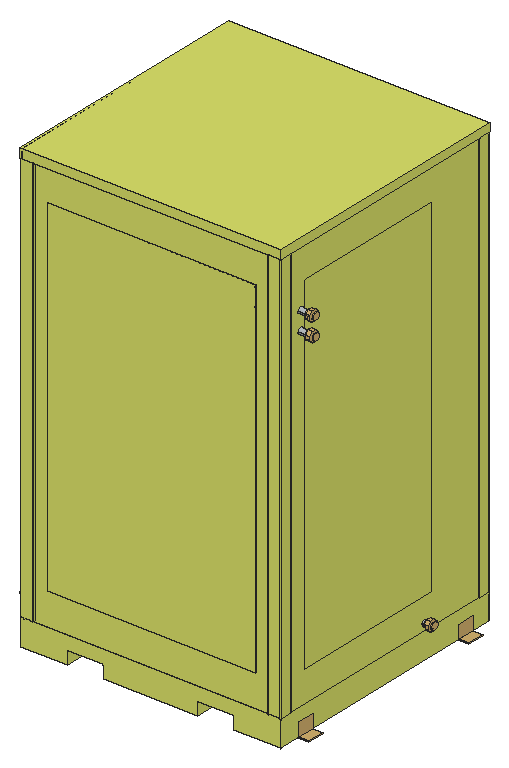
Revit family "Emergency_Equipment-Haws_Corporation-Tempering_Booth_8785", category Plumbing Fixtures, Revit 2018
Family settings
  Round Connector Dimension = Use Diameter
  Part Type = Normal
  OmniClass Number = 23.65.35.11
  OmniClass Title = Supply Water Heaters
  Work Plane-Based = No
  Always vertical = Yes
  Cut with Voids When Loaded = No
  Shared = No
  Room Calculation Point = No
Parameters (values of type "8785 - 330 Gallon")
  Waste Connection = 1 = 1  # yes
  Voltage = 480 V
  Vent Connection = no
  Width = 60"  # constant formula
  URL = "https://www.hawsco.com"
  Type Comments = if(Constraints = 1, "119 Gallon Hot Water Storage Tank", if(Constraints = 2, "120 Gallon Hot Water Storage Tank", if(Constraints = 3, "330 Gallon Hot Water Storage Tank", if(Constraints = 4, "200 Gallon Hot Water Storage Tank", "Not Available"))))  # "330 Gallon Hot Water Storage Tank"
  Supply Diameter = 1 1/2"  # constant formula
  Sanitary Diameter = 2 3/4"  # constant formula
  Product data url = "https://bimobject.com/hawscorporation/product/haws-8785"
  Product Guid = "9094f2b4-95d2-4d21-b948-cdcaf2c8640d"
  Power Factor = 1  # constant formula
  Phase = 3
  Number of Poles = 1
  Model = "8785"  # constant formula
  Manufacturer = "Haws Corporation"  # constant formula
  Keynote = "S12"
  Height = 102 3/4"  # constant formula
  HW Connection = no
  Finish = Metal - Haws Corporation - Green
  Edition number = 1
  Description = "All-Weather Emergency Water Tempering Booth"  # constant formula
  Depth = 60"  # constant formula
  Constraints = 3
  Connection Diameter = 1 1/4"  # constant formula
  CW Connection = 1 = 1  # yes
  Assembly Code = "G3010100"
  Apparent Load = Voltage * 1 A  # 480 VA
Types (4): name | Type Comments | Constraints
  8785 - 119 Gallon | "119 Gallon Hot Water Storage Tank" | 1
  8785 - 120 Gallon | "120 Gallon Hot Water Storage Tank" | 2
  8785 - 330 Gallon | "330 Gallon Hot Water Storage Tank" | 3
  8785 - 200 Gallon | "200 Gallon Hot Water Storage Tank" | 4
Reference planes (in)
  plane 1 "Center Front/Back": y = 0
  plane 2 "Bottom": z = 0
  plane 3 "Center Left/Right": x = 0
  plane 4 "Top": z = 102.75
  plane 5 "Left": x = -30
  plane 6 "Right": x = 30
  plane 7 "Front": y = -30
  plane 8 "Back": y = 30
  plane 9 "Clearance": y = 36.75
  plane 10: z = 7.5
  plane 11: z = 94.25
  plane 12: z = 88.75
  plane 13: z = 83.75
  plane 14: x = 32.5
  plane 15: x = -32.5
  plane 16: y = -16.75
  plane 17: y = -24.5
  plane 18: x = -24
  plane 19: x = 24
  plane 20: x = -33.75
  plane 21: x = -34
  plane 22: z = 72
  plane 23: z = 88
Forms (in)
  Extrusion 1, solid, material "Metal - Haws Corporation - Green" <- "Finish"
    sketch origin (0, 0, 0) x (1, 0, 0) y (0, 1, 0)
      loop
        line (29.9375, 30) -> (-29.9375, 30)
        arc (-29.9375, 30) -> (-29.98169, 29.98169) -> (-30, 29.9375) r 0.0625
        line (-30, 29.9375) -> (-30, -29.9375)
        arc (-30, -29.9375) -> (-29.98169, -29.98169) -> (-29.9375, -30) r 0.0625
        line (-29.9375, -30) -> (29.9375, -30)
        arc (29.9375, -30) -> (29.98169, -29.98169) -> (30, -29.9375) r 0.0625
        line (30, -29.9375) -> (30, 29.9375)
        arc (30, 29.9375) -> (29.98169, 29.98169) -> (29.9375, 30) r 0.0625
    from 0 to 6
  Extrusion 2, void
    sketch origin (130.61992, -15.59375, 48) x (1, 0, 0) y (0, 0, 1)
      loop
        arc (-149.51992, -44.98) -> (-149.6967, -45.05322) -> (-149.76992, -45.23) r 0.25
        line (-149.76992, -45.23) -> (-149.76992, -48) -> (-141.46992, -48) -> (-141.46992, -45.23)
        arc (-141.46992, -45.23) -> (-141.54315, -45.05322) -> (-141.71992, -44.98) r 0.25
        line (-141.71992, -44.98) -> (-149.51992, -44.98)
      loop
        arc (-119.51992, -44.98) -> (-119.6967, -45.05322) -> (-119.76992, -45.23) r 0.25
        line (-119.76992, -45.23) -> (-119.76992, -48) -> (-111.46992, -48) -> (-111.46992, -45.23)
        arc (-111.46992, -45.23) -> (-111.54315, -45.05322) -> (-111.71992, -44.98) r 0.25
        line (-111.71992, -44.98) -> (-119.51992, -44.98)
    from -45.59375 to 14.40625
  Extrusion 3, solid, material "Metal - Haws Corporation - Brass"
    sketch origin (130.61992, -15.59375, 48) x (1, 0, 0) y (0, 0, 1)
      loop
        line (-163.11992, -48) -> (-160.61992, -48) -> (-160.61992, -44.7505) -> (-160.80742, -44.7505) -> (-160.80742, -47.8125) -> (-163.11992, -47.8125) -> (-163.11992, -48)
    from -40.59375 to -36.59375
  Extrusion 4, solid, material "Metal - Haws Corporation - Brass"
    sketch origin (130.61992, -15.59375, 48) x (1, 0, 0) y (0, 0, 1)
      loop
        line (-160.80742, -47.8125) -> (-163.11992, -47.8125) -> (-163.11992, -48) -> (-160.61992, -48) -> (-160.61992, -44.7505) -> (-160.80742, -44.7505) -> (-160.80742, -47.8125)
    from 5.40625 to 9.40625
  Extrusion 5, solid, material "Metal - Haws Corporation - Brass"
    sketch origin (130.61992, -15.59375, 48) x (1, 0, 0) y (0, 0, 1)
      loop
        line (-100.61992, -44.7505) -> (-100.61992, -48) -> (-98.11992, -48) -> (-98.11992, -47.8125) -> (-100.43242, -47.8125) -> (-100.43242, -44.7505) -> (-100.61992, -44.7505)
    from -40.59375 to -36.59375
  Extrusion 6, solid, material "Metal - Haws Corporation - Brass"
    sketch origin (130.61992, -15.59375, 48) x (1, 0, 0) y (0, 0, 1)
      loop
        line (-100.43242, -47.8125) -> (-100.43242, -44.75) -> (-100.61992, -44.75) -> (-100.61992, -48) -> (-98.11992, -48) -> (-98.11992, -47.8125) -> (-100.43242, -47.8125)
    from 5.40625 to 9.40625
  Extrusion 7, solid, material "Metal - Haws Corporation - Green" <- "Finish"
    sketch origin (-60.54339, -180, 14.53125) x (-1, 0, 0) y (0, -1, 0)
      loop
        line (-32.60589, -207) -> (-31.10589, -207) -> (-31.10589, -153) -> (-32.60589, -153) -> (-32.60589, -207)
      loop
        line (-33.54339, -151.8125) -> (-33.54339, -150.3125) -> (-87.54339, -150.3125) -> (-87.54339, -151.8125) -> (-33.54339, -151.8125)
      loop
        line (-33.54339, -208.1875) -> (-87.54339, -208.1875) -> (-87.54339, -209.6875) -> (-33.54339, -209.6875) -> (-33.54339, -208.1875)
    from -9.53125 to 86.21875
  Extrusion 8, solid, material "Metal - Haws Corporation - Green" <- "Finish"
    sketch origin (-60.54339, -180.20097, 14.53125) x (-1, 0, 0) y (0, -1, 0)
      loop
        line (-90.04339, -193.3125) -> (-90.04339, -157.0625) -> (-90.54339, -157.0625) -> (-90.54339, -193.3125) -> (-90.04339, -193.3125)
    from -1.22623 to 79.03125
  Extrusion 9, void
    sketch origin (0, 30, 0) x (1, 0, 0) y (0, 0, 1)
      loop
        circle (18.4375, 75.59375) r 1.65625
    from 0.3125 to 0
  Sweep 10, solid, material "Metal - Haws Corporation - Green" <- "Finish"
    path origin (-60.54339, -180, 101.5) x (-1, 0, 0) y (0, -1, 0)
      loop
        line (-33.54339, -207) -> (-33.54339, -153) -> (-87.54339, -153) -> (-87.54339, -207) -> (-33.54339, -207)
    profile origin (0, 27, 101.5) x (0, 1, 0) y (0, 0, 1)
      loop
        line (0, 1.25) -> (0, 1) -> (2.75, 1) -> (2.75, -0.75) -> (3, -0.75) -> (3, 1.25) -> (0, 1.25)
  Sweep 11, solid, material "Metal - Haws Corporation - Green" <- "Finish"
    path origin (0, 0, 102.75) x (0, 1, 0) y (-1, 0, 0)
      loop
        line (-27, 27) -> (-27, -27) -> (27, -27) -> (27, 27) -> (-27, 27)
    profile origin (-27, 0, 102.75) x (-1, 0, 0) y (0, 0, 1)
      loop
        line (3, 0) -> (0, 0) -> (0, -0.25) -> (2.75, -0.25) -> (2.75, -2) -> (3, -2) -> (3, 0)
  Extrusion 12, solid, material "Metal - Haws Corporation - Green" <- "Finish"
    sketch origin (0, 0, 102.75) x (0, 1, 0) y (-1, 0, 0)
      loop
        line (-27.5, 27) -> (-27.5, -27.5) -> (27, -27.5) -> (27, 27) -> (-27.5, 27)
    from -0.25 to 0
  Extrusion 13, solid, material "Metal - Haws Corporation - Green" <- "Finish"
    sketch origin (0, 0, 0) x (1, 0, 0) y (0, 1, 0)
      loop
        line (-30, -27.12159) -> (-30, -29.86693)
        arc (-30, -29.86693) -> (-29.96103, -29.96103) -> (-29.86693, -30) r 0.13307
        line (-29.86693, -30) -> (-27.13386, -30)
        arc (-27.13386, -30) -> (-27.03921, -29.96079) -> (-27, -29.86614) r 0.13386
        line (-27, -29.86614) -> (-27, -28.18972)
        arc (-27, -28.18972) -> (-27.05557, -28.05557) -> (-27.18972, -28) r 0.18972
        line (-27.18972, -28) -> (-28, -28) -> (-28, -27.18987)
        arc (-28, -27.18987) -> (-28.05561, -27.05561) -> (-28.18987, -27) r 0.18987
        line (-28.18987, -27) -> (-29.87841, -27)
        arc (-29.87841, -27) -> (-29.96439, -27.03561) -> (-30, -27.12159) r 0.12159
      loop
        arc (30, -27.12159) -> (29.96439, -27.03561) -> (29.87841, -27) r 0.12159
        line (29.87841, -27) -> (28.18987, -27)
        arc (28.18987, -27) -> (28.05561, -27.05561) -> (28, -27.18987) r 0.18987
        line (28, -27.18987) -> (28, -28) -> (27.18972, -28)
        arc (27.18972, -28) -> (27.05557, -28.05557) -> (27, -28.18972) r 0.18972
        line (27, -28.18972) -> (27, -29.86614)
        arc (27, -29.86614) -> (27.03921, -29.96079) -> (27.13386, -30) r 0.13386
        line (27.13386, -30) -> (29.86693, -30)
        arc (29.86693, -30) -> (29.96103, -29.96103) -> (30, -29.86693) r 0.13307
        line (30, -29.86693) -> (30, -27.12159)
      loop
        arc (-30, 27.12159) -> (-29.96439, 27.03561) -> (-29.87841, 27) r 0.12159
        line (-29.87841, 27) -> (-28.18987, 27)
        arc (-28.18987, 27) -> (-28.05561, 27.05561) -> (-28, 27.18987) r 0.18987
        line (-28, 27.18987) -> (-28, 28) -> (-27.18972, 28)
        arc (-27.18972, 28) -> (-27.05557, 28.05557) -> (-27, 28.18972) r 0.18972
        line (-27, 28.18972) -> (-27, 29.86614)
        arc (-27, 29.86614) -> (-27.03921, 29.96079) -> (-27.13386, 30) r 0.13386
        line (-27.13386, 30) -> (-29.86693, 30)
        arc (-29.86693, 30) -> (-29.96103, 29.96103) -> (-30, 29.86693) r 0.13307
        line (-30, 29.86693) -> (-30, 27.12159)
      loop
        line (30, 27.12159) -> (30, 29.86693)
        arc (30, 29.86693) -> (29.96103, 29.96103) -> (29.86693, 30) r 0.13307
        line (29.86693, 30) -> (27.13386, 30)
        arc (27.13386, 30) -> (27.03921, 29.96079) -> (27, 29.86614) r 0.13386
        line (27, 29.86614) -> (27, 28.18972)
        arc (27, 28.18972) -> (27.05557, 28.05557) -> (27.18972, 28) r 0.18972
        line (27.18972, 28) -> (28, 28) -> (28, 27.18987)
        arc (28, 27.18987) -> (28.05561, 27.05561) -> (28.18987, 27) r 0.18987
        line (28.18987, 27) -> (29.87841, 27)
        arc (29.87841, 27) -> (29.96439, 27.03561) -> (30, 27.12159) r 0.12159
    from 6 to 100.75
  Extrusion 14, solid, material "Metal - Haws Corporation - Green" <- "Finish"
    sketch origin (0, -0.20097, 0) x (0, 1, 0) y (0, 0, 1)
      loop
        line (-22.9375, 93.5625) -> (-22.9375, 13.30502) -> (13.3125, 13.30502) -> (13.3125, 93.5625) -> (-22.9375, 93.5625)
      loop
        line (27.25, 100.75) -> (-26.79903, 100.75) -> (-26.79903, 6) -> (27.25, 6) -> (27.25, 100.75)
    from 28.4375 to 29.9375
  Extrusion 15, solid, material "Metal - Haws Corporation - Green" <- "Finish"
    sketch origin (0, 0, 0) x (1, 0, 0) y (0, 0, 1)
      loop
        line (24, 13.4375) -> (24, 93.4375) -> (-24, 93.4375) -> (-24, 13.4375) -> (24, 13.4375)
    from 28.1875 to 29.6875
  Extrusion 16, solid, material "Metal - Haws Corporation - Brass"
    sketch origin (-27.31, -35.1875, 12.46875) x (0, 1, 0) y (0, 0, 1)
      loop
        line (18.63304, 83.43268) -> (17.41218, 83.08898) -> (16.79193, 81.98266) -> (17.13564, 80.76179) -> (18.24196, 80.14155) -> (19.46282, 80.48526) -> (20.08307, 81.59158) -> (19.73936, 82.81244) -> (18.63304, 83.43268)
    from -5.53 to -4.51
  Extrusion 17, solid, material "Metal - Haws Corporation - Brass"
    sketch origin (-27.31, -35.1875, 12.46265) x (0, 1, 0) y (0, 0, 1)
      loop
        line (17.67571, 82.75437) -> (17.21488, 81.9324) -> (17.47025, 81.02532) -> (18.29222, 80.5645) -> (19.19929, 80.81986) -> (19.66012, 81.64183) -> (19.40475, 82.54891) -> (18.58278, 83.00974) -> (17.67571, 82.75437)
    from -6.44 to -3.645
  Extrusion 18, solid, material "Metal - Haws Corporation - Smokey Pearl"
    sketch origin (-27.31, -35.1875, 12.46875) x (0, 1, 0) y (0, 0, 1)
      loop
        circle (18.4375, 81.78125) r 0.96734
    from -3.645 to 0.3125
  Extrusion 19, solid, material "Metal - Haws Corporation - Brass"
    sketch origin (-27.31, -35.1875, 6.91406) x (0, 1, 0) y (0, 0, 1)
      loop
        line (17.41718, 83.14298) -> (16.79693, 82.03666) -> (17.14064, 80.81579) -> (18.24696, 80.19555) -> (19.46782, 80.53926) -> (20.08807, 81.64558) -> (19.74436, 82.86644) -> (18.63804, 83.48668) -> (17.41718, 83.14298)
    from -5.53 to -4.51
  Extrusion 20, solid, material "Metal - Haws Corporation - Brass"
    sketch origin (-27.31, -35.1925, 6.90918) x (0, 1, 0) y (0, 0, 1)
      loop
        line (18.58778, 83.06374) -> (17.68071, 82.80837) -> (17.21988, 81.9864) -> (17.47525, 81.07932) -> (18.29722, 80.6185) -> (19.20429, 80.87386) -> (19.66512, 81.69583) -> (19.40975, 82.60291) -> (18.58778, 83.06374)
    from -6.44 to -3.645
  Extrusion 21, solid, material "Metal - Haws Corporation - Smokey Pearl"
    sketch origin (-27.31, -35.1875, 6.96875) x (0, 1, 0) y (0, 0, 1)
      loop
        circle (18.4375, 81.78125) r 1
    from -3.645 to 0.3125
  Extrusion 22, solid, material "Metal - Haws Corporation - Brass"
    sketch origin (-27.31, -56.6758, 9.93519) x (0, 0.962581, -0.270993) y (0, 0.270993, 0.962581)
      loop
        line (18.32089, 80.609) -> (19.2203, 80.93848) -> (19.62331, 81.80745) -> (19.29382, 82.70686) -> (18.42486, 83.10987) -> (17.52544, 82.78039) -> (17.12244, 81.91142) -> (17.45192, 81.012) -> (18.32089, 80.609)
    from -5.96084 to -5.0717
  Extrusion 23, solid, material "Metal - Haws Corporation - Brass"
    sketch origin (-27.31, -35.11447, 1.875) x (0, 1, 0) y (0, 0, 1)
      loop
        line (17.96168, 82.6133) -> (17.56079, 82.14564) -> (17.61139, 81.48743) -> (18.07895, 81.08662) -> (18.75447, 81.13855) -> (19.16816, 81.62115) -> (19.11963, 82.2525) -> (18.63808, 82.6653) -> (17.96168, 82.6133)
    from -6.44 to -4.51
  Extrusion 24, solid, material "Metal - Haws Corporation - Smokey Pearl"
    sketch origin (-27.31, -35.1875, 1.96875) x (0, 1, 0) y (0, 0, 1)
      loop
        circle (18.4375, 81.78125) r 0.62362
    from -4.51 to 0.3125
  Extrusion 25, solid, material "Metal - Haws Corporation - Smokey Pearl"
    sketch origin (-27.31, -42.9425, 1.93353) x (0, 1, 0) y (0, 0, 1)
      loop
        circle (18.4425, 5.56647) r 0.33003
    from -4.732 to -2.1275
  Extrusion 26, solid, material "Metal - Haws Corporation - Brass"
    sketch origin (-27.31, -60.86291, -62.60047) x (0, 0.962581, -0.270993) y (0, 0.270993, 0.962581)
      loop
        line (15.15718, 77.15469) -> (15.7544, 76.53067) -> (16.59343, 76.73588) -> (16.83523, 77.56509) -> (16.23801, 78.18911) -> (15.39898, 77.9839) -> (15.15718, 77.15469)
    from -6.01809 to -5.38156
  Extrusion 27, solid, material "Metal - Haws Corporation - Brass"
    sketch origin (-28.18974, -60.86291, -62.60047) x (0, 0.962581, -0.270993) y (0, 0.270993, 0.962581)
      loop
        circle (16.0055, 77.3315) r 0.5
    from -5.81026 to -3.85226
  Extrusion 28, solid, material "Metal - Haws Corporation - Smokey Pearl"
    sketch origin (25.8585, -7.19199, 2.32563) x (0, 1, 0) y (0, 0, -1)
      loop
        circle (18.4425, -5.59123) r 0.66406
    from -4.732 to -3.6415
  Extrusion 29, solid, material "Metal - Haws Corporation - Brass"
    sketch origin (25.76794, -22.95186, -62.60047) x (0, 0.962581, -0.270993) y (0, -0.270993, -0.962581)
      loop
        line (12.96419, -78.05797) -> (13.86212, -78.39148) -> (14.73288, -77.99237) -> (15.06639, -77.09443) -> (14.66728, -76.22367) -> (13.76934, -75.89017) -> (12.89858, -76.28928) -> (12.56508, -77.18721) -> (12.96419, -78.05797)
    from -6.19406 to -5.38156
  Extrusion 30, solid, material "Metal - Haws Corporation - Brass"
    sketch origin (26.73824, -22.9529, -62.60047) x (0, 0.962581, -0.270993) y (0, -0.270993, -0.962581)
      loop
        line (13.25187, -77.74812) -> (13.84645, -77.96896) -> (14.42304, -77.70468) -> (14.64387, -77.1101) -> (14.3796, -76.53352) -> (13.78502, -76.31268) -> (13.20843, -76.57696) -> (12.9876, -77.17154) -> (13.25187, -77.74812)
    from -5.72751 to -3.85226
  Extrusion 31, solid, material "Metal - Haws Corporation - Brass"
    sketch origin (27.31, -69.90933, 17.45553) x (0, 0.938979, -0.343975) y (0, -0.343975, -0.938979)
      loop
        line (18.32089, -80.609) -> (17.45192, -81.012) -> (17.12244, -81.91142) -> (17.52544, -82.78039) -> (18.42486, -83.10987) -> (19.29382, -82.70686) -> (19.62331, -81.80745) -> (19.2203, -80.93848) -> (18.32089, -80.609)
    from -5.96084 to -5.0717
  Extrusion 32, solid, material "Metal - Haws Corporation - Brass"
    sketch origin (27.31, -49.02921, 7.76644) x (0, 0.997058, -0.076647) y (0, -0.076647, -0.997058)
      loop
        line (17.96168, -82.6133) -> (18.63808, -82.6653) -> (19.11963, -82.2525) -> (19.16816, -81.62115) -> (18.75447, -81.13855) -> (18.07895, -81.08662) -> (17.61139, -81.48743) -> (17.56079, -82.14564) -> (17.96168, -82.6133)
    from -6.44 to -4.51
  Extrusion 33, solid, material "Metal - Haws Corporation - Smokey Pearl"
    sketch origin (27.31, -43.04663, 6.24294) x (0, 0.999999, -0.001263) y (0, -0.001263, -0.999999)
      loop
        circle (18.44331, -81.78043) r 0.62362
    from -4.51 to -2.6275
  Extrusion 34, solid, material "Metal - Haws Corporation - Brass"
    sketch origin (27.31, -69.90933, 13.20553) x (0, 0.938979, -0.343975) y (0, -0.343975, -0.938979)
      loop
        line (18.32089, -80.609) -> (17.45192, -81.012) -> (17.12244, -81.91142) -> (17.52544, -82.78039) -> (18.42486, -83.10987) -> (19.29382, -82.70686) -> (19.62331, -81.80745) -> (19.2203, -80.93848) -> (18.32089, -80.609)
    from -5.96084 to -5.0717
  Extrusion 35, solid, material "Metal - Haws Corporation - Brass"
    sketch origin (27.31, -49.02921, 3.51644) x (0, 0.997058, -0.076647) y (0, -0.076647, -0.997058)
      loop
        line (17.96168, -82.6133) -> (18.63808, -82.6653) -> (19.11963, -82.2525) -> (19.16816, -81.62115) -> (18.75447, -81.13855) -> (18.07895, -81.08662) -> (17.61139, -81.48743) -> (17.56079, -82.14564) -> (17.96168, -82.6133)
    from -6.44 to -4.51
  Extrusion 36, solid, material "Metal - Haws Corporation - Smokey Pearl"
    sketch origin (27.31, -43.04663, 1.99294) x (0, 0.999999, -0.001263) y (0, -0.001263, -0.999999)
      loop
        circle (18.44331, -81.78043) r 0.625
    from -4.51 to -2.6275
Cuts and joins
  Extrusion 2 cuts Extrusion 1
  joined: Sweep 10, Sweep 11, Extrusion 12
Lines and regions (in)
  Masking region 1
    outline origin (-60.54339, -180, 101.5) x (-1, 0, 0) y (0, -1, 0)
      loop
        line (-30.54339, -210) -> (-30.54339, -150) -> (-90.54339, -150) -> (-90.54339, -210) -> (-30.54339, -210)
  Masking region 2, detail levels medium+fine
    outline origin (-60.54339, -180, 101.5) x (-1, 0, 0) y (0, -1, 0)
      loop
        line (-93.04339, -205) -> (-90.54339, -205) -> (-90.54339, -201) -> (-93.04339, -201) -> (-93.04339, -205)
      loop
        line (-93.04339, -159) -> (-90.54339, -159) -> (-90.54339, -155) -> (-93.04339, -155) -> (-93.04339, -159)
      loop
        line (-28.04339, -159) -> (-28.04339, -156) -> (-27.85183, -156) -> (-27.85183, -156.36199) -> (-27.2153, -156.36199) -> (-27.2153, -156) -> (-26.54339, -156) -> (-26.54339, -155) -> (-27.2153, -155) -> (-27.2153, -154.63551) -> (-27.85183, -154.63551) -> (-27.85183, -155) -> (-30.54339, -155) -> (-30.54339, -159) -> (-28.04339, -159)
      loop
        line (-28.04339, -205) -> (-28.04339, -201) -> (-30.54339, -201) -> (-30.54339, -205) -> (-28.04339, -205)
      loop
        line (-26.79339, -164.46875) -> (-26.79339, -162.00339) -> (-27.70339, -162.00339) -> (-27.70339, -161.60443) -> (-28.72339, -161.60443) -> (-28.72339, -162.03125) -> (-29.58839, -162.03125) -> (-29.58839, -162.25) -> (-30.54339, -162.25) -> (-30.54339, -164.25) -> (-29.58839, -164.25) -> (-29.58839, -164.46875) -> (-28.72339, -164.46875) -> (-28.72339, -164.89557) -> (-27.70339, -164.89557) -> (-27.70339, -164.46875) -> (-26.79339, -164.46875)
      loop
        line (-93.00914, -190.46169) -> (-93.00914, -192.03934) -> (-92.50539, -192.03934) -> (-92.50539, -192.44285) -> (-91.69289, -192.44285) -> (-91.69289, -192.03934) -> (-91.13389, -192.03934) -> (-91.13389, -191.91295) -> (-90.54339, -191.91295) -> (-90.54339, -190.5865) -> (-91.13389, -190.5865) -> (-91.13389, -190.46169) -> (-91.69289, -190.46169) -> (-91.69289, -190.06027) -> (-92.50539, -190.06027) -> (-92.50539, -190.46169) -> (-93.00914, -190.46169)
  symbolic lines, detail levels fine
    curve 1: line (-32.84, -15.53125, 0) -> (-32.84, -17.99661, 0)
    curve 2: line (-31.82, -15.53125, 0) -> (-31.82, -18.05186, 0)
    curve 3: line (-30.955, -15.75, 0) -> (-30.955, -17.96875, 0)
    curve 4: line (30.5905, 11.91458, 0) -> (30.5905, 10.58645, 0)
    curve 5: line (31.1495, 12.03934, 0) -> (31.1495, 10.46169, 0)
    curve 6: line (31.962, 12.03934, 0) -> (31.962, 10.46169, 0)
    curve 7: line (-32.042, -24.16997, 0) -> (-30, -24.16997, 0)
    curve 8: line (-32.042, -24.83003, 0) -> (-30, -24.83003, 0)
    curve 9: line (-32.042, -24, 0) -> (-32.042, -25, 0)
    curve 10: line (-32.69156, -24, 0) -> (-32.69156, -25, 0)
    curve 11: line (-33.32809, -24, 0) -> (-33.32809, -25, 0)
    curve 12: line (-32.69156, -24, 0) -> (-32.042, -24, 0)
Dimensions and locks (in)
  locked: Extrusion 3 sketch curve to Extrusion 3 sketch curve at 0.1875
  locked: Extrusion 5 sketch curve to Extrusion 5 sketch curve at 0.1875
  equal spacing: plane 7 "Front", plane 1 "Center Front/Back", plane 8 "Back"
  "Depth": plane 7 "Front" to plane 8 "Back"
  equal spacing: plane 5 "Left", plane 3 "Center Left/Right", plane 6 "Right"
  "Width": plane 5 "Left" to plane 6 "Right"
  locked: plane 8 "Back" to plane 9 "Clearance" at 6.75
  "Height": plane 4 "Top" to plane 2 "Bottom"
  plane 10 to plane 2 "Bottom" = 7 1/2"
  plane 11 to plane 2 "Bottom" = 94 1/4"
  plane 12 to plane 2 "Bottom" = 88 3/4"
  plane 13 to plane 2 "Bottom" = 83 3/4"
  locked: plane 6 "Right" to plane 14 at 2.5
  locked: plane 15 to plane 5 "Left" at 2.5
  locked: plane 7 "Front" to plane 16 at 13.25
  locked: plane 7 "Front" to plane 17 at 5.5
  plane 19 to plane 18 = 48"
  locked: plane 5 "Left" to plane 20 at 3.75
  locked: plane 5 "Left" to plane 21 at 4
  Sweep 11 sketch curve to plane 8 "Back" = 3"
  Sweep 11 sketch curve to plane 6 "Right" = 3"
  plane 7 "Front" to Sweep 11 sketch curve = 3"
  plane 7 "Front" to Sweep 10 sketch curve = 3"
  locked: plane 4 "Top" to plane 22 at 30.75
  locked: plane 4 "Top" to plane 23 at 14.75
  radius of Extrusion 9 sketch curve = 1 21/32"
  radius of Extrusion 18 sketch curve = 0.96734"
  radius of Extrusion 21 sketch curve = 1"
  aligned and locked: level to plane 2 "Bottom"
  aligned and locked: Extrusion 9 to plane 8 "Back"
  aligned and locked: plane 8 "Back" to Masking region 1 sketch curve
  aligned and locked: plane 5 "Left" to Masking region 1 sketch curve
  aligned and locked: Masking region 1 sketch curve to plane 7 "Front"
  aligned and locked: Masking region 1 sketch curve to plane 6 "Right"
  aligned and locked: Masking region 2 sketch curve to Extrusion 5  (x4)
  aligned and locked: Masking region 2 sketch curve to Extrusion 6  (x4)
  aligned and locked: Masking region 2 sketch curve to Extrusion 4  (x4)
  aligned and locked: Masking region 2 sketch curve to Extrusion 3  (x4)
  aligned and locked: Extrusion 18 to Extrusion 17
  aligned and locked: Extrusion 21 to Extrusion 20
  aligned and locked: Extrusion 24 to Extrusion 23
  aligned and locked: Extrusion 32 to Extrusion 33
  aligned and locked: Extrusion 35 to Extrusion 36
  aligned and locked: plane 23 to Extrusion 33 sketch curve
Automatic sketch dimensions
  curve 8 to plane 5 "Left" = 0"
  curve 7 to plane 5 "Left" = 0"
  curve 12 to plane 15 = 0.458"
  plane 15 to curve 12 = 0.19156"
  plane 17 to curve 12 = 1/2"
  curve 3 to plane 5 "Left" = 0.955"
  curve 2 to plane 15 = 0.68"
  plane 15 to curve 1 = 0.34"
  plane 20 to curve 11 = 0.42191"
  plane 6 "Right" to curve 4 = 0.5905"
  curve 4 to curve 5 = 0.559"
  curve 6 to plane 14 = 0.538"
  plane 17 to curve 11 = 1/2"
  curve 7 to curve 9 = 0.16997"
  curve 8 to plane 17 = 0.33003"
  curve 9 to curve 8 = 0.16997"
  curve 11 to plane 17 = 1/2"
  curve 10 to plane 17 = 1/2"
  curve 2 to plane 16 = 1.30186"
  curve 2 to curve 1 = 0.05525"
  curve 2 to curve 3 = 0.08311"
  plane 16 to curve 3 = 1"
  curve 3 to curve 2 = 7/32"
  curve 1 to curve 2 = 0"
  curve 6 to plane 1 "Center Front/Back" = 10.46169"
  curve 5 to curve 6 = 0"
  curve 5 to curve 4 = 0.12476"
  curve 4 to curve 4 = 1 21/64"
  curve 4 to curve 6 = 0.12476"
  curve 4 to curve 5 = 0.12476"
  Extrusion 1 sketch curve to plane 5 "Left" = 0"
  plane 8 "Back" to Extrusion 1 sketch curve = 0"
  plane 7 "Front" to Extrusion 1 sketch curve = 0"
  Extrusion 1 sketch curve to plane 6 "Right" = 0"
  plane 5 "Left" to Extrusion 1 sketch curve = 1/16"  (x2)
  Extrusion 1 sketch curve to plane 6 "Right" = 1/16"  (x2)
  Extrusion 2 sketch curve to level = 0"  (x2)
  plane 18 to Extrusion 2 sketch curve = 4.85"
  Extrusion 2 sketch curve to Extrusion 2 sketch curve = 1/4"  (x4)
  level to Extrusion 2 sketch curve = 2.77"  (x2)
  Extrusion 2 sketch curve to Extrusion 2 sketch curve = 7.8"
  plane 3 "Center Left/Right" to Extrusion 2 sketch curve = 10.85"
  plane 19 to Extrusion 2 sketch curve = 5.1"
  Extrusion 3 sketch curve to level = 0"
  plane 15 to Extrusion 3 sketch curve = 0"
  Extrusion 3 sketch curve to plane 5 "Left" = 0"
  Extrusion 3 sketch curve to Extrusion 3 sketch curve = 3/16"
  Extrusion 3 sketch curve to Extrusion 3 sketch curve = 3.062"
  plane 15 to Extrusion 4 sketch curve = 0"
  Extrusion 4 sketch curve to plane 5 "Left" = 0"
  Extrusion 4 sketch curve to level = 0"
  Extrusion 4 sketch curve to plane 5 "Left" = 3/16"
  level to Extrusion 4 sketch curve = 3/16"
  Extrusion 4 sketch curve to Extrusion 4 sketch curve = 3.062"
  Extrusion 5 sketch curve to level = 0"
  Extrusion 5 sketch curve to plane 6 "Right" = 0"
  Extrusion 5 sketch curve to plane 14 = 0"
  plane 6 "Right" to Extrusion 5 sketch curve = 3/16"
  Extrusion 5 sketch curve to Extrusion 5 sketch curve = 3.062"
  Extrusion 6 sketch curve to level = 0"
  Extrusion 6 sketch curve to plane 6 "Right" = 0"
  Extrusion 6 sketch curve to plane 14 = 0"
  plane 6 "Right" to Extrusion 6 sketch curve = 3/16"
  level to Extrusion 6 sketch curve = 3/16"
  Extrusion 6 sketch curve to Extrusion 6 sketch curve = 3 1/16"
  plane 8 "Back" to Extrusion 7 sketch curve = 5/16"
  Extrusion 7 sketch curve to plane 6 "Right" = 3"  (x2)
  plane 5 "Left" to Extrusion 7 sketch curve = 3"  (x2)
  Extrusion 7 sketch curve to plane 7 "Front" = 5/16"
  Extrusion 7 sketch curve to Extrusion 7 sketch curve = 15/16"
  plane 5 "Left" to Extrusion 7 sketch curve = 9/16"
  Extrusion 7 sketch curve to Extrusion 7 sketch curve = 1 1/2"  (x2)
  Extrusion 7 sketch curve to Extrusion 7 sketch curve = 1 3/16"
  Extrusion 7 sketch curve to plane 17 = 2 1/2"
  Extrusion 8 sketch curve to plane 6 "Right" = 0"
  Extrusion 8 sketch curve to Extrusion 8 sketch curve = 1/2"
  Extrusion 8 sketch curve to plane 1 "Center Front/Back" = 13.11153"
  plane 17 to Extrusion 8 sketch curve = 1.36153"
  plane 19 to Extrusion 9 sketch curve = 5 9/16"
  plane 22 to Extrusion 9 sketch curve = 3 19/32"
  Masking region 2 sketch curve to plane 6 "Right" = 0"
  Masking region 2 sketch curve to plane 5 "Left" = 0"
  Masking region 2 sketch curve to plane 20 = 0"
  Masking region 2 sketch curve to plane 21 = 0"
  Masking region 2 sketch curve to plane 14 = 0.03425"
  Masking region 2 sketch curve to plane 14 = 0.538"
  Masking region 2 sketch curve to Masking region 2 sketch curve = 0.50375"
  Masking region 2 sketch curve to Masking region 2 sketch curve = 13/16"  (x2)
  Masking region 2 sketch curve to Masking region 2 sketch curve = 0.559"  (x2)
  Masking region 2 sketch curve to plane 5 "Left" = 0.955"  (x2)
  Masking region 2 sketch curve to plane 15 = 0.68"  (x2)
  Masking region 2 sketch curve to Masking region 2 sketch curve = 0.19156"
  plane 15 to Masking region 2 sketch curve = 0.19156"
  plane 15 to Masking region 2 sketch curve = 0.34"  (x2)
  plane 20 to Masking region 2 sketch curve = 0.42191"  (x2)
  Masking region 2 sketch curve to Masking region 2 sketch curve = 8.55715"
  Masking region 2 sketch curve to Masking region 2 sketch curve = 0.40351"  (x2)
  Masking region 2 sketch curve to Masking region 2 sketch curve = 0.12639"
  Masking region 2 sketch curve to Masking region 2 sketch curve = 1.32644"
  Masking region 2 sketch curve to Masking region 2 sketch curve = 0.12481"  (x2)
  Masking region 2 sketch curve to Masking region 2 sketch curve = 0.40142"
  plane 16 to Masking region 2 sketch curve = 1.64557"
  Masking region 2 sketch curve to Masking region 2 sketch curve = 0.42682"  (x3)
  Masking region 2 sketch curve to Masking region 2 sketch curve = 7/32"  (x2)
  Masking region 2 sketch curve to plane 16 = 1"
  Masking region 2 sketch curve to Masking region 2 sketch curve = 0.02786"
  plane 17 to Masking region 2 sketch curve = 0.86199"
  Masking region 2 sketch curve to Masking region 2 sketch curve = 0.36199"  (x2)
  Masking region 2 sketch curve to plane 17 = 1/2"
  Masking region 2 sketch curve to Masking region 2 sketch curve = 0.36449"
  Sweep 10 sketch curve to plane 6 "Right" = 3"
  plane 5 "Left" to Sweep 10 sketch curve = 3"
  plane 8 "Back" to Sweep 10 sketch curve = 3"
  Sweep 10 sketch curve to profile plane = 0"
  Sweep 10 sketch curve to profile plane = 3/4"
  Sweep 10 sketch curve to profile plane = 2 3/4"
  Sweep 10 sketch curve to Sweep 10 sketch curve = 1/4"  (x2)
  profile plane to Sweep 10 sketch curve = 1"
  plane 5 "Left" to Sweep 11 sketch curve = 3"
  Sweep 11 sketch curve to plane 4 "Top" = 0"
  Sweep 11 sketch curve to profile plane = 0"
  Sweep 11 sketch curve to plane 4 "Top" = 1/4"
  Sweep 11 sketch curve to profile plane = 2 3/4"
  Sweep 11 sketch curve to Sweep 11 sketch curve = 1/4"
  Sweep 11 sketch curve to Sweep 11 sketch curve = 1 3/4"
  Extrusion 12 sketch curve to plane 7 "Front" = 2 1/2"
  plane 8 "Back" to Extrusion 12 sketch curve = 3"
  Extrusion 12 sketch curve to plane 6 "Right" = 2 1/2"
  plane 5 "Left" to Extrusion 12 sketch curve = 3"
  Extrusion 13 sketch curve to plane 5 "Left" = 0"  (x2)
  plane 7 "Front" to Extrusion 13 sketch curve = 0"  (x2)
  plane 8 "Back" to Extrusion 13 sketch curve = 0"  (x2)
  Extrusion 13 sketch curve to plane 6 "Right" = 0"  (x2)
  plane 5 "Left" to Extrusion 13 sketch curve = 0.12159"  (x2)
  plane 5 "Left" to Extrusion 13 sketch curve = 0.13307"  (x2)
  Extrusion 13 sketch curve to Extrusion 13 sketch curve = 1.68854"  (x2)
  Extrusion 13 sketch curve to Extrusion 13 sketch curve = 0.18987"  (x4)
  Extrusion 13 sketch curve to Extrusion 13 sketch curve = 0.81028"  (x4)
  Extrusion 13 sketch curve to Extrusion 13 sketch curve = 0.05586"  (x2)
  Extrusion 13 sketch curve to plane 7 "Front" = 0.13386"  (x2)
  Extrusion 13 sketch curve to Extrusion 13 sketch curve = 0.18972"  (x3)
  Extrusion 13 sketch curve to plane 6 "Right" = 3"  (x2)
  Extrusion 13 sketch curve to Extrusion 13 sketch curve = 0.13386"
  Extrusion 13 sketch curve to plane 6 "Right" = 0.13307"  (x2)
  Extrusion 13 sketch curve to plane 6 "Right" = 0.12159"  (x2)
  Extrusion 13 sketch curve to Extrusion 13 sketch curve = 1.67642"  (x2)
  Extrusion 13 sketch curve to Extrusion 13 sketch curve = 0.81013"  (x4)
  Extrusion 13 sketch curve to Extrusion 13 sketch curve = 2.86693"
  plane 8 "Back" to Extrusion 13 sketch curve = 3"
  Extrusion 14 sketch curve to plane 17 = 2 1/2"
  plane 17 to Extrusion 14 sketch curve = 1.36153"
  Extrusion 14 sketch curve to plane 11 = 11/16"
  Extrusion 14 sketch curve to plane 1 "Center Front/Back" = 13.11153"
  plane 8 "Back" to Extrusion 14 sketch curve = 2.95097"
  plane 10 to Extrusion 14 sketch curve = 5.80502"
  Extrusion 14 sketch curve to plane 10 = 1 1/2"
  Extrusion 14 sketch curve to plane 4 "Top" = 2"
  Extrusion 15 sketch curve to plane 18 = 0"
  plane 19 to Extrusion 15 sketch curve = 0"
  plane 10 to Extrusion 15 sketch curve = 5 15/16"
  Extrusion 15 sketch curve to plane 11 = 13/16"
  plane 11 to Extrusion 16 sketch curve = 0.20141"
  Extrusion 16 sketch curve to plane 16 = 1.64557"
  Extrusion 16 sketch curve to Extrusion 16 sketch curve = 0.34371"  (x3)
  Extrusion 16 sketch curve to plane 16 = 1.02532"
  Extrusion 16 sketch curve to plane 16 = 0.19554"
  plane 16 to Extrusion 16 sketch curve = 0.19554"
  plane 16 to Extrusion 16 sketch curve = 1.02532"
  Extrusion 16 sketch curve to Extrusion 16 sketch curve = 1.10632"  (x3)
  Extrusion 16 sketch curve to plane 11 = 0.18967"
  Extrusion 16 sketch curve to plane 11 = 1.01946"
  plane 11 to Extrusion 16 sketch curve = 1.03119"
  Extrusion 16 sketch curve to Extrusion 16 sketch curve = 0.62024"
  plane 11 to Extrusion 17 sketch curve = 0.14505"
  Extrusion 17 sketch curve to plane 16 = 1.22262"
  Extrusion 17 sketch curve to Extrusion 17 sketch curve = 0.25537"  (x2)
  Extrusion 17 sketch curve to plane 16 = 0.76179"
  Extrusion 17 sketch curve to plane 16 = 0.14528"
  plane 16 to Extrusion 17 sketch curve = 0.14528"
  plane 16 to Extrusion 17 sketch curve = 0.76179"
  Extrusion 17 sketch curve to Extrusion 17 sketch curve = 0.82197"  (x3)
  Extrusion 17 sketch curve to plane 11 = 0.14552"
  Extrusion 17 sketch curve to Extrusion 17 sketch curve = 0.46083"  (x2)
  Extrusion 17 sketch curve to plane 11 = 0.76203"
  plane 11 to Extrusion 17 sketch curve = 0.76156"
  Extrusion 18 sketch curve to plane 11 = 0"
  Extrusion 18 sketch curve to plane 16 = 0"
  plane 12 to Extrusion 19 sketch curve = 0.20072"
  Extrusion 19 sketch curve to plane 16 = 1.64057"
  Extrusion 19 sketch curve to plane 23 = 0.27014"
  Extrusion 19 sketch curve to Extrusion 19 sketch curve = 0.34371"
  Extrusion 19 sketch curve to plane 16 = 1.02032"
  Extrusion 19 sketch curve to plane 16 = 0.19054"
  plane 16 to Extrusion 19 sketch curve = 0.20054"
  plane 16 to Extrusion 19 sketch curve = 1.03032"
  Extrusion 19 sketch curve to Extrusion 19 sketch curve = 1.10632"  (x2)
  Extrusion 19 sketch curve to plane 12 = 0.19036"
  Extrusion 19 sketch curve to Extrusion 19 sketch curve = 0.62024"  (x2)
  Extrusion 19 sketch curve to plane 23 = 0.54668"
  Extrusion 19 sketch curve to plane 23 = 0.89039"
  plane 12 to Extrusion 19 sketch curve = 1.0305"
  plane 12 to Extrusion 20 sketch curve = 0.14558"
  Extrusion 20 sketch curve to plane 16 = 1.22262"
  Extrusion 20 sketch curve to plane 23 = 0.0115"
  Extrusion 20 sketch curve to Extrusion 20 sketch curve = 0.25537"  (x2)
  Extrusion 20 sketch curve to plane 16 = 0.76179"
  Extrusion 20 sketch curve to plane 16 = 0.14528"
  plane 16 to Extrusion 20 sketch curve = 0.14528"
  Extrusion 20 sketch curve to plane 23 = 0.21696"
  plane 16 to Extrusion 20 sketch curve = 0.76179"
  Extrusion 20 sketch curve to Extrusion 20 sketch curve = 0.82197"  (x2)
  Extrusion 20 sketch curve to plane 12 = 0.14499"
  Extrusion 20 sketch curve to Extrusion 20 sketch curve = 0.46083"
  Extrusion 20 sketch curve to plane 23 = 0.47232"
  plane 12 to Extrusion 20 sketch curve = 0.76209"
  Extrusion 21 sketch curve to plane 12 = 0"
  Extrusion 21 sketch curve to plane 16 = 0"
  plane 13 to Extrusion 22 sketch curve = 0.39152"
  Extrusion 22 sketch curve to plane 16 = 1.24661"
  Extrusion 22 sketch curve to Extrusion 22 sketch curve = 0.32948"  (x3)
  Extrusion 22 sketch curve to Extrusion 22 sketch curve = 0.403"  (x2)
  Extrusion 22 sketch curve to Extrusion 22 sketch curve = 0.86896"  (x4)
  Extrusion 22 sketch curve to Extrusion 22 sketch curve = 0.89942"  (x4)
  Extrusion 22 sketch curve to Extrusion 22 sketch curve = 0.10398"
  plane 13 to Extrusion 23 sketch curve = 0.27064"
  Extrusion 23 sketch curve to plane 16 = 0.80369"
  Extrusion 23 sketch curve to Extrusion 23 sketch curve = 0.0506"
  Extrusion 23 sketch curve to plane 16 = 0.4028"
  Extrusion 23 sketch curve to plane 16 = 0.28552"
  plane 16 to Extrusion 23 sketch curve = 0.2736"
  plane 16 to Extrusion 23 sketch curve = 0.38999"
  plane 13 to Extrusion 23 sketch curve = 0.3775"
  Extrusion 23 sketch curve to Extrusion 23 sketch curve = 0.48155"
  Extrusion 23 sketch curve to plane 13 = 0.25385"
  Extrusion 23 sketch curve to Extrusion 23 sketch curve = 0.04853"
  Extrusion 23 sketch curve to plane 13 = 0.38757"
  Extrusion 23 sketch curve to Extrusion 23 sketch curve = 0.48259"
  Extrusion 23 sketch curve to Extrusion 23 sketch curve = 0.40081"
  Extrusion 23 sketch curve to Extrusion 23 sketch curve = 0.46766"
  Extrusion 23 sketch curve to Extrusion 23 sketch curve = 0.4128"
  Extrusion 24 sketch curve to plane 13 = 0"
  Extrusion 24 sketch curve to plane 16 = 0"
  Extrusion 25 sketch curve to plane 10 = 0"
  Extrusion 25 sketch curve to plane 17 = 0"
  Extrusion 26 sketch curve to plane 10 = 0"
  plane 10 to Extrusion 26 sketch curve = 0.05969"
  Extrusion 26 sketch curve to plane 17 = 0.86449"
  Extrusion 26 sketch curve to Extrusion 26 sketch curve = 0.2418"  (x2)
  Extrusion 26 sketch curve to Extrusion 26 sketch curve = 0.59722"
  Extrusion 26 sketch curve to Extrusion 26 sketch curve = 0.83902"  (x2)
  Extrusion 26 sketch curve to Extrusion 26 sketch curve = 0.82922"  (x2)
  Extrusion 26 sketch curve to Extrusion 26 sketch curve = 0.62401"
  Extrusion 26 sketch curve to Extrusion 26 sketch curve = 0.2052"
  Extrusion 27 sketch curve to plane 10 = 0"
  Extrusion 27 sketch curve to plane 17 = 0"
  plane 10 to Extrusion 28 sketch curve = 0.41686"
  Extrusion 28 sketch curve to plane 1 "Center Front/Back" = 11.25051"
  plane 10 to Extrusion 29 sketch curve = 0.79344"
  Extrusion 29 sketch curve to plane 1 "Center Front/Back" = 10.06027"
  Extrusion 29 sketch curve to Extrusion 29 sketch curve = 0.33351"  (x2)
  Extrusion 29 sketch curve to Extrusion 29 sketch curve = 0.39911"  (x3)
  Extrusion 29 sketch curve to Extrusion 29 sketch curve = 0.87076"  (x4)
  Extrusion 29 sketch curve to Extrusion 29 sketch curve = 0.89793"  (x4)
  Extrusion 29 sketch curve to Extrusion 29 sketch curve = 0.80515"
  plane 10 to Extrusion 30 sketch curve = 0.66386"
  Extrusion 30 sketch curve to plane 1 "Center Front/Back" = 10.46169"
  Extrusion 30 sketch curve to Extrusion 30 sketch curve = 0.22083"  (x4)
  Extrusion 30 sketch curve to Extrusion 30 sketch curve = 0.26428"
  Extrusion 30 sketch curve to Extrusion 30 sketch curve = 0.57658"  (x4)
  Extrusion 30 sketch curve to Extrusion 30 sketch curve = 0.59458"  (x4)
  Extrusion 30 sketch curve to Extrusion 30 sketch curve = 0.53314"
  Extrusion 31 sketch curve to plane 12 = 0.27107"
  Extrusion 31 sketch curve to plane 17 = 1 5/32"
  Extrusion 31 sketch curve to Extrusion 31 sketch curve = 0.32948"  (x3)
  Extrusion 31 sketch curve to Extrusion 31 sketch curve = 0.403"  (x2)
  Extrusion 31 sketch curve to Extrusion 31 sketch curve = 0.86896"  (x4)
  Extrusion 31 sketch curve to Extrusion 31 sketch curve = 0.89942"  (x4)
  Extrusion 31 sketch curve to Extrusion 31 sketch curve = 0.79544"
  plane 23 to Extrusion 32 sketch curve = 0.32447"
  Extrusion 32 sketch curve to plane 17 = 0.72389"
  Extrusion 32 sketch curve to Extrusion 32 sketch curve = 0.0506"
  Extrusion 32 sketch curve to Extrusion 32 sketch curve = 0.40089"
  Extrusion 32 sketch curve to Extrusion 32 sketch curve = 0.46756"
  Extrusion 32 sketch curve to Extrusion 32 sketch curve = 0.6764"
  Extrusion 32 sketch curve to Extrusion 32 sketch curve = 0.67551"
  Extrusion 32 sketch curve to Extrusion 32 sketch curve = 0.48155"
  Extrusion 32 sketch curve to Extrusion 32 sketch curve = 0.04853"
  Extrusion 32 sketch curve to Extrusion 32 sketch curve = 0.10685"
  Extrusion 32 sketch curve to Extrusion 32 sketch curve = 0.46766"
  Extrusion 32 sketch curve to Extrusion 32 sketch curve = 0.4128"
  Extrusion 32 sketch curve to Extrusion 32 sketch curve = 0.63135"
  Extrusion 32 sketch curve to Extrusion 32 sketch curve = 0.65821"
  Extrusion 32 sketch curve to Extrusion 32 sketch curve = 0.48259"
  Extrusion 32 sketch curve to Extrusion 32 sketch curve = 0.40081"
  Extrusion 33 sketch curve to plane 17 = 0"
  plane 13 to Extrusion 34 sketch curve = 0.47893"
  Extrusion 34 sketch curve to plane 17 = 1 5/32"
  Extrusion 34 sketch curve to Extrusion 34 sketch curve = 0.32948"  (x3)
  Extrusion 34 sketch curve to Extrusion 34 sketch curve = 0.403"  (x2)
  Extrusion 34 sketch curve to Extrusion 34 sketch curve = 0.86896"  (x4)
  Extrusion 34 sketch curve to Extrusion 34 sketch curve = 0.89942"  (x4)
  Extrusion 34 sketch curve to Extrusion 34 sketch curve = 0.79544"
  plane 13 to Extrusion 35 sketch curve = 0.32447"
  Extrusion 35 sketch curve to plane 17 = 0.72389"
  Extrusion 35 sketch curve to Extrusion 35 sketch curve = 0.0506"
  Extrusion 35 sketch curve to Extrusion 35 sketch curve = 0.40089"
  Extrusion 35 sketch curve to Extrusion 35 sketch curve = 0.46756"
  Extrusion 35 sketch curve to Extrusion 35 sketch curve = 0.6764"
  Extrusion 35 sketch curve to Extrusion 35 sketch curve = 0.67551"
  Extrusion 35 sketch curve to Extrusion 35 sketch curve = 0.48155"
  Extrusion 35 sketch curve to Extrusion 35 sketch curve = 0.04853"
  Extrusion 35 sketch curve to Extrusion 35 sketch curve = 0.10685"
  Extrusion 35 sketch curve to Extrusion 35 sketch curve = 0.46766"
  Extrusion 35 sketch curve to Extrusion 35 sketch curve = 0.4128"
  Extrusion 35 sketch curve to Extrusion 35 sketch curve = 0.63135"
  Extrusion 35 sketch curve to Extrusion 35 sketch curve = 0.65821"
  Extrusion 35 sketch curve to Extrusion 35 sketch curve = 0.48259"
  Extrusion 35 sketch curve to Extrusion 35 sketch curve = 0.40081"
  Extrusion 36 sketch curve to plane 13 = 0"
  Extrusion 36 sketch curve to plane 17 = 0"
  radius of Extrusion 24 sketch curve = 0.62362"
  radius of Extrusion 25 sketch curve = 0.33003"
  radius of Extrusion 27 sketch curve = 1/2"
  radius of Extrusion 28 sketch curve = 85/128"
  radius of Extrusion 33 sketch curve = 0.62362"
  radius of Extrusion 36 sketch curve = 5/8"
Connectors (in)
  piping at (-33.75, -16.75, 94.24976), diameter 1.5
    settings: on Extrusion 17, index 5, connector inside diameter 24", connector length 0", flow factor 0, pipe flow 0 GPM, pressure drop 0.00 psi, fitting loss kfactor 0, connector angle 0.00°, fixture units 0, engagement length 0", angle of deflection 0.00°, flow configuration 0, flow direction 2, fitting loss method 0, system type 19, joint type 0, gender type 0, connector reference index -1, connector utility 0, adjustable connector no, is connector primary yes, connector description "Tempered Water Outlet"
  piping at (-33.75, -16.75, 88.7503), diameter 1.5
    settings: on Extrusion 20, index 6, connector inside diameter 24", connector length 0", flow factor 0, pipe flow 0 GPM, pressure drop 0.00 psi, fitting loss kfactor 0, connector angle 0.00°, fixture units 0, engagement length 0", angle of deflection 0.00°, flow configuration 0, flow direction 1, fitting loss method 0, system type 20, joint type 0, gender type 0, connector reference index -1, connector utility 0, adjustable connector no, is connector primary no, connector description "Supply Connector"
  piping at (-33.75, -16.75283, 83.75131), diameter 1
    settings: on Extrusion 23, index 7, connector inside diameter 24", connector length 0", flow factor 0, pipe flow 0 GPM, pressure drop 0.00 psi, fitting loss kfactor 0, connector angle 0.00°, fixture units 0, engagement length 0", angle of deflection 0.00°, flow configuration 0, flow direction 1, fitting loss method 0, system type 8, joint type 0, gender type 0, connector reference index -1, connector utility 0, adjustable connector no, is connector primary no, connector description "Return Inlet"
  piping at (32.46575, 11.25051, 7.90987), diameter 1
    settings: on Extrusion 30, index 8, connector inside diameter 24", connector length 0", flow factor 0, pipe flow 0 GPM, pressure drop 0.00 psi, fitting loss kfactor 0, connector angle 0.00°, fixture units 0, engagement length 0", angle of deflection 0.00°, flow configuration 0, flow direction 2, fitting loss method 0, system type 16, joint type 0, gender type 0, connector reference index -1, connector utility 0, adjustable connector no, is connector primary no, connector description "Tank Drain"
  electrical at (29.9375, -24.5, 88), driven by "Voltage", driven by "Apparent Load"
    settings: on Extrusion 33, index 10, voltage 480 V, apparent load 0 VA, apparent load phase1 480 VA, apparent load phase2 0 VA, apparent load phase3 0 VA, power factor 1, load classification "Other", number of poles 1, system type 31, power factor state 1, is connector primary yes, connector utility no, sub classification motor no, connector description "Electrical Connector"
  electrical at (29.9375, -24.5, 83.75)
    settings: on Extrusion 36, index 11, voltage 0 V, apparent load 0 VA, apparent load phase1 0 VA, apparent load phase2 0 VA, apparent load phase3 0 VA, power factor 1, load classification "Other", number of poles 1, system type 14, power factor state 1, is connector primary no, connector utility no, sub classification motor no, connector description "Alarm Dry Contacts"
